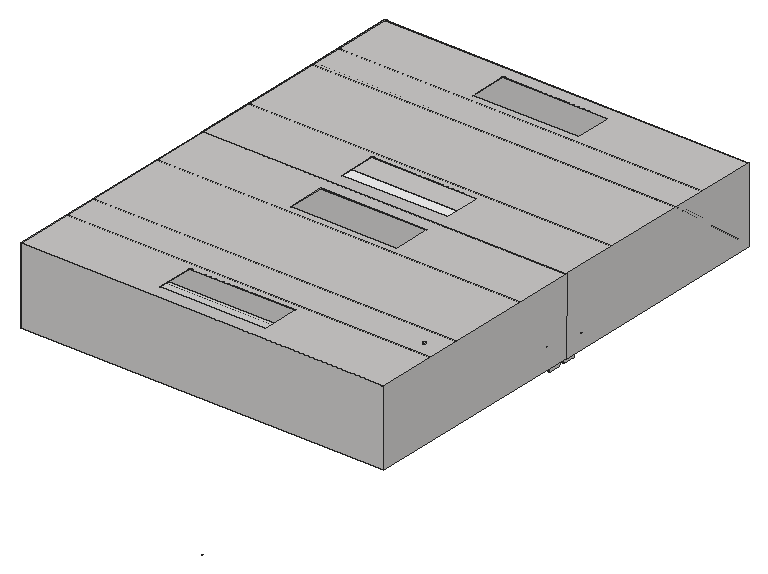
Revit family "QF_ELECTROLUXPROFESSIONAL_641394_STCF3024", category Attrezzature speciali, Revit 2021
Family settings
  Quota connettore circolare = Usa diametro
  Tipo di parte = Normale
  Basato su piano di lavoro = No
  Sempre verticale = Sì
  Taglio con vuoti quando caricato = No
  Condiviso = No
  Punto di calcolo locali = No
Parameters (values of type "Standard")
  Weight = 320.00 kg
  Watts = 320 W
  Volts = 220 V
  URL Manufacturer = "https://www.electroluxprofessional.com/"
  URL = "https://www.electroluxprofessional.com/"
  Steam Supply Size = 0 mm
  Steam Supply Minimum Pressure = 0.0 Pa
  Steam Supply Maximum Pressure = 0.0 Pa
  Steam Consumption per Hour = 0
  Refrigeration Suction Line Size = 0.0 mm
  Refrigeration Liquid Line Size = 0.0 mm
  Refrigerant Compressor Remote = yes
  Prospetto di default = 0.0 mm
  Produttore = "Electrolux Professional"
  Phase = 1
  Modello = "STCF3024"
  Length Actual = 2400.0 mm  # constant formula
  Item Number = "641394"
  Hot Water Size = 0 mm
  Height Actual = 500.0 mm  # constant formula
  HP = "0.4 HP"
  Gas Size = 0 mm
  Gas KW = 0
  Gas Input Pressure = 0 W
  Direct Waste Size = 0 mm
  Descrizione = "304 S/S ISLAND HOOD+FILT.+LAMPS 240X300"
  Depth Actual = 3000.0 mm  # constant formula
  Cycle = 50 Hz
  Condensate Return Size = 0 mm
  Compressed Air Volume = 0.0 L/s
  Compressed Air Size = 0 mm
  Compressed Air Pressure = 0.0 Pa
  Cold Water Size = 0 mm
  Accessory = yes
Reference planes
  plane 1 "Center (Front/Back)": y = 0
  plane 2: z = 0
  plane 3 "Center (Left/Right)": x = -200
  plane 4 "LEFT": x = -1400
  plane 5 "RIGHT": x = 1000
  plane 6 "BACK": y = 1500
  plane 7 "FRONT": y = -1500
  plane 8 "Base": z = 2000
  plane 9 "EIx": x = 880
  plane 10 "Top": z = 2500
  plane 11 "BaseHood": z = 2000
  plane 12 "EI": y = -1020
Forms (mm)
  Extrusion 1, solid, material "QF_Finishes_Stainless Steel"
    sketch origin (0, -1020, 2500) x (0, 1, 0) y (-1, 0, 0)
      loop
        circle (0, -880) r 10
    from 0 to 1.6
Dimensions and locks
  plane 4 "LEFT" to plane 5 "RIGHT" = 2400.0 mm
  equal spacing: plane 6 "BACK", plane 1 "Center (Front/Back)", plane 7 "FRONT"
  plane 6 "BACK" to plane 7 "FRONT" = 3000.0 mm  (x2)
  plane 9 "EIx" to plane 5 "RIGHT" = 120.0 mm
  plane 11 "BaseHood" to level = 2000.0 mm
  plane 10 "Top" to plane 11 "BaseHood" = 500.0 mm
  equal spacing: plane 4 "LEFT", plane 3 "Center (Left/Right)", plane 5 "RIGHT"
  plane 12 "EI" to plane 7 "FRONT" = 480.0 mm
  aligned and locked: level to plane 2
Automatic sketch dimensions
  plane 1 "Center (Front/Back)" to Extrusion 1 sketch curve = 1020.0 mm
  Extrusion 1 sketch curve to plane 9 "EIx" = 0.0 mm
  radius of Extrusion 1 sketch curve = 10.0 mm
Nested families
  nested 1: "QF_ELECTROLUXPROFESSIONAL_641260" at (-350, -550, 0), type "QF_ELECTROLUXPROFESSIONAL_641260"
  nested 2: "QF_ELECTROLUXPROFESSIONAL_641260" at (-350, 550, 0), type "QF_ELECTROLUXPROFESSIONAL_641260"
Connectors
  hvac at (-200, -1289, 2505)
    settings: on nested 1, index 1, duct flow 0.0 L/s, flow factor 0, pres drop 0.0 Pa, loss coef 0, conn angle 0.00°, conn width 250 mm, conn height 700 mm, conn diameter 609.6 mm, duct sys type 1, conn prof type 1, flow config 1, flow direction 1, loss method 0, conn ref index -1, conn util no, is conn primary yes, conn desc "AIR INLET"
  hvac at (-200, 1289, 2505)
    settings: on nested 2, index 4, duct flow 0.0 L/s, flow factor 0, pres drop 0.0 Pa, loss coef 0, conn angle 0.00°, conn width 700 mm, conn height 250 mm, conn diameter 609.6 mm, duct sys type 1, conn prof type 1, flow config 1, flow direction 1, loss method 0, conn ref index -1, conn util no, is conn primary no, conn desc "AIR INLET"
  piping at (880, 60, 1970), diameter 9.5
    settings: on nested 2, index 9, connector inside diameter 609.6 mm, connector length 0.0 mm, flow factor 0, pipe flow 0.0 L/s, pressure drop 0.0 Pa, fitting loss kfactor 0, connector angle 0.00°, fixture units 0, engagement length 0.0 mm, angle of deflection 0.00°, flow configuration 1, flow direction 2, fitting loss method 0, system type 16, joint type 0, gender type 0, connector reference index -1, connector utility 0, adjustable connector no, is connector primary yes, connector description "Drain"
  piping at (880, -60, 1970), diameter 9.5
    settings: on nested 1, index 10, connector inside diameter 609.6 mm, connector length 0.0 mm, flow factor 0, pipe flow 0.0 L/s, pressure drop 0.0 Pa, fitting loss kfactor 0, connector angle 0.00°, fixture units 0, engagement length 0.0 mm, angle of deflection 0.00°, flow configuration 1, flow direction 2, fitting loss method 0, system type 16, joint type 0, gender type 0, connector reference index -1, connector utility 0, adjustable connector no, is connector primary no, connector description "Drain"
  electrical at (880, -1020, 2501.6), driven by "Volts"
    settings: on Extrusion 1, index 11, voltage 220 V, apparent load 0 VA, apparent load phase1 0 VA, apparent load phase2 0 VA, apparent load phase3 0 VA, power factor 1, load classification "Other", number of poles 1, system type 30, power factor state 1, is connector primary yes, connector utility no, sub classification motor no, connector description "Electrical Connection"
  hvac at (-200, 211, 2499.19)
    settings: on nested 2, index 12, duct flow 0.0 L/s, flow factor 0, pres drop 0.0 Pa, loss coef 0, conn angle 0.00°, conn width 250 mm, conn height 700 mm, conn diameter 609.6 mm, duct sys type 3, conn prof type 1, flow config 1, flow direction 2, loss method 0, conn ref index -1, conn util no, is conn primary no, conn desc "EXHAUST OUTLET"
  hvac at (-200, -211, 2500)
    settings: on nested 1, index 13, duct flow 0.0 L/s, flow factor 0, pres drop 0.0 Pa, loss coef 0, conn angle 0.00°, conn width 700 mm, conn height 250 mm, conn diameter 609.6 mm, duct sys type 3, conn prof type 1, flow config 1, flow direction 2, loss method 0, conn ref index -1, conn util no, is conn primary no, conn desc "EXHAUST OUTLET"
Definition of nested family "QF_ELECTROLUXPROFESSIONAL_641260"
  Parameters
    Default Elevation = 0.0 mm
  Reference planes
    plane 1: z = 0
    plane 2 "Center (Left/Right)": x = 150
    plane 3 "LEFT": x = -1050
    plane 4 "RIGHT": x = 1350
    plane 5 "BACK": y = 550
    plane 6 "TOP": z = 2500
    plane 7 "Base": z = 2000
    plane 8: z = 1955
    plane 9 "DrainY": y = 490
    plane 10: x = -1047
    plane 11 "DrainX": x = 1230
    plane 12 "AOLeft2": x = 500
    plane 13: x = 1347
    plane 14: x = -850
    plane 15: x = 1150
    plane 16 "Front": y = -950
    plane 17 "AOLeft1": x = -200
    plane 18: y = -864
    plane 19: y = -614
    plane 20 "EI_y": y = -470
    plane 21 "EIx": x = 1230
    plane 22: y = 464
    plane 23: y = 214
    plane 24 "Center (Front/Back)": y = -200
  Forms (mm)
    Extrusion 1, solid
      sketch origin (-1050, 0, 360) x (0, 1, 0) y (0, 0, 1)
        loop
          line (550, 1640) -> (550, 2140) -> (-950, 2140) -> (-950, 1640) -> (550, 1640)
      from 0 to 3
    Extrusion 2, solid
      sketch origin (1350, 0, 360) x (0, 1, 0) y (0, 0, 1)
        loop
          line (550, 1640) -> (550, 2140) -> (-950, 2140) -> (-950, 1640) -> (550, 1640)
      from 0 to -3
    Extrusion 3, solid
      sketch origin (150, 0, 360) x (0, 1, 0) y (0, 0, 1)
        loop
          line (-950, 2140) -> (-950, 1640) -> (-940, 1640) -> (-940, 1640.8) -> (-949.2, 1640.8) -> (-949.2, 2139.19) -> (549.2, 2139.19) -> (549.2, 1640.8) -> (540, 1640.8) -> (540, 1640) -> (550, 1640) -> (550, 2140) -> (-950, 2140)
      from -1200 to 1200
    Extrusion 4, solid
      sketch origin (0, 0, 2000) x (0, 1, 0) y (-1, 0, 0)
        loop
          circle (490, -1230) r 4.763
      from -30 to 0
    Extrusion 5, void
      sketch origin (0, 0, 2500) x (0, 1, 0) y (-1, 0, 0)
        loop
          line (-614, -500) -> (-614, 200) -> (-864, 200) -> (-864, -500) -> (-614, -500)
      from 0 to -10
    Extrusion 6, solid
      sketch origin (0, 0, 0) x (1, 0, 0) y (0, 1, 0)
        loop
          line (-1050, 550) -> (-1050, 549) -> (-1049, 549) -> (-1049, 550) -> (-1050, 550)
      from 0 to 1
    Extrusion 7, solid
      sketch origin (150, 0, 360) x (0, 1, 0) y (0, 0, 1)
        loop
          line (-572.823, 1962.324) -> (-418.948, 2086.929) -> (-427.129, 2097.032) -> (-581.003, 1972.426) -> (-572.823, 1962.324)
      from 1197 to -1197
    Sweep 8, solid
      path origin (0, 0, 0) x (1, 0, 0) y (0, 1, 0)
        loop
          line (1350, 550) -> (-1050, 550) -> (-1050, -950) -> (1350, -950) -> (1350, 550)
      profile origin (1350, -200, 0) x (1, 0, 0) y (0, 0, 1)
        loop
          line (-3, 2000) -> (-3, 2000.8) -> (-19, 2000.8) -> (-19, 2010) -> (-20, 2010) -> (-20, 2000) -> (-3, 2000)
    Extrusion 9, solid
      sketch origin (150, 0, 0) x (0, 1, 0) y (0, 0, 1)
        loop
          line (414.66, 2095.469) -> (440.643, 2110.471) -> (261.744, 2411.771) -> (235.948, 2396.455) -> (414.66, 2095.469)
      from -1197 to -1000
    Extrusion 10, solid
      sketch origin (1230, 0, 0) x (0, 1, 0) y (0, 0, 1)
        loop
          line (539, 2000) -> (441, 2000) -> (441, 1989) -> (448.5, 1989) -> (448.5, 1965)
          arc (448.5, 1965) -> (451.429, 1957.929) -> (458.5, 1955) r 10
          line (458.5, 1955) -> (521.5, 1955)
          arc (521.5, 1955) -> (528.571, 1957.929) -> (531.5, 1965) r 10
          line (531.5, 1965) -> (531.5, 1989) -> (539, 1989) -> (539, 2000)
      from 90 to -90
    Extrusion 11, solid
      sketch origin (150, 0, 0) x (0, 1, 0) y (0, 0, 1)
        loop
          line (414.66, 2095.469) -> (440.643, 2110.471) -> (261.744, 2411.771) -> (235.948, 2396.455) -> (414.66, 2095.469)
      from 1000 to 1197
    Extrusion 12, solid
      sketch origin (150, 0, 0) x (0, 1, 0) y (0, 0, 1)
        loop
          line (414.66, 2095.469) -> (440.643, 2110.471) -> (261.744, 2411.771) -> (235.948, 2396.455) -> (414.66, 2095.469)
      from -1000 to 1000
    Extrusion 13, void
      sketch origin (0, 1180, 2500) x (0, 1, 0) y (-1, 0, 0)
        loop
          line (-716, -500) -> (-716, 200) -> (-966, 200) -> (-966, -500) -> (-716, -500)
      from 0 to -10
    Extrusion 14, solid
      sketch origin (150, 0, 360) x (0, 1, 0) y (0, 0, 1)
        loop
          line (430.005, 1640) -> (540, 1640) -> (540, 1640.8) -> (430.467, 1640.8) -> (371.906, 1742.23) -> (414.858, 1734.657) -> (442.266, 1750.481) -> (442.266, 1765.943) -> (441.466, 1765.943) -> (441.466, 1750.943) -> (414.709, 1735.495) -> (321.153, 1751.991) -> (320.875, 1750.416) -> (371.4, 1741.507) -> (430.005, 1640)
        loop
          line (172.529, 2139.19) -> (242.893, 2017.316) -> (245.133, 2018.715) -> (240.13, 2027.381) -> (238.569, 2026.405) -> (173.453, 2139.19) -> (172.529, 2139.19)
      from -1197 to 1197
    Extrusion 15, solid
      sketch origin (150, 200.8, 360) x (0, 1, 0) y (0, 0, 1)
        loop
          line (-1150, 2139.19) -> (-1150, 1640) -> (-1086.602, 1640) -> (-999.146, 1690.493) -> (-1010.058, 1709.394) -> (-1066.564, 1676.77) -> (-1114.704, 1680.982) -> (-1149.2, 1730.248) -> (-1149.2, 2139.19) -> (-1150, 2139.19)
        loop
          line (-773.6, 1961.694) -> (-781.937, 1971.99) -> (-769.095, 1982.182) -> (-769.095, 2139.19) -> (-769.895, 2139.19) -> (-769.895, 1982.569) -> (-1082.298, 1734.63) -> (-1071.091, 1720.79) -> (-773.6, 1961.694)
        loop
          line (-627.61, 2099.216) -> (-618.171, 2087.559) -> (-554.411, 2139.19) -> (-555.682, 2139.19) -> (-618.052, 2088.684) -> (-626.989, 2099.719) -> (-627.61, 2099.216)
      from -1197 to 1197
  Cuts and joins
    Extrusion 5, Extrusion 13 cuts Extrusion 3
    joined: Extrusion 2, Extrusion 3, Sweep 8
  Lines and regions (mm)
    symbolic lines, detail levels coarse
      curve 1: line (1350, 550, 2500) -> (-1050, 550, 2500)
      curve 2: line (-1050, 550, 2500) -> (-1050, -950, 2500)
      curve 3: line (1350, -950, 2500) -> (1350, 550, 2500)
      curve 4: line (-1050, 550, 0) -> (1350, -950, 0)
      curve 5: line (1350, 550, 0) -> (-1050, -950, 0)
      curve 6: line (-1050, -950, 0) -> (1350, -950, 0)
      curve 7: line (-200, 214, 2500) -> (500, 214, 2500)
      curve 8: line (-200, 464, 2500) -> (-200, 214, 2500)
      curve 9: line (500, 464, 2500) -> (-200, 464, 2500)
      curve 10: line (500, 214, 2500) -> (500, 464, 2500)
    symbolic lines
      curve 11: line (-200, -614, 0) -> (500, -614, 0)
      curve 12: line (-200, -864, 0) -> (-200, -614, 0)
      curve 13: line (500, -864, 0) -> (-200, -864, 0)
      curve 14: line (500, -614, 0) -> (500, -864, 0)
  Dimensions and locks
    plane 3 "LEFT" to plane 4 "RIGHT" = 2400.0 mm
    equal spacing: plane 3 "LEFT", plane 2 "Center (Left/Right)", plane 4 "RIGHT"
    plane 7 "Base" to plane 8 = 45.0 mm
    plane 5 "BACK" to plane 9 "DrainY" = 60.0 mm  (x2)
    plane 3 "LEFT" to plane 10 = 3.0 mm
    plane 11 "DrainX" to plane 4 "RIGHT" = 120.0 mm
    plane 13 to plane 4 "RIGHT" = 3.0 mm
    plane 3 "LEFT" to plane 14 = 200.0 mm
    plane 15 to plane 4 "RIGHT" = 200.0 mm
    locked: plane 7 "Base" to level at 2000
    locked: plane 6 "TOP" to plane 7 "Base" at 500
    locked: plane 17 "AOLeft1" to plane 12 "AOLeft2" at 700
    locked: plane 19 to plane 18 at 250
    locked: plane 18 to plane 16 "Front" at 86
    locked: plane 20 "EI_y" to plane 16 "Front" at 480
    locked: plane 21 "EIx" to plane 4 "RIGHT" at 120
    locked: plane 5 "BACK" to plane 16 "Front" at 1500
    plane 5 "BACK" to plane 16 "Front" = 1500.0 mm
    equal spacing: plane 17 "AOLeft1", plane 2 "Center (Left/Right)", plane 12 "AOLeft2"
    locked: plane 23 to plane 22 at 250
    equal spacing: plane 5 "BACK", plane 24 "Center (Front/Back)", plane 16 "Front"
    plane 5 "BACK" to plane 22 = 86.0 mm
    aligned and locked: level to plane 1
    aligned and locked: plane 4 "RIGHT" to Extrusion 3
    aligned and locked: Extrusion 3 to plane 3 "LEFT"
    aligned and locked: Extrusion 2 to plane 13
    aligned and locked: Extrusion 9 to plane 10
    aligned and locked: Extrusion 5 to plane 17 "AOLeft1"
    aligned and locked: Extrusion 5 to plane 12 "AOLeft2"
    aligned and locked: plane 14 to Extrusion 9
    aligned and locked: plane 15 to Extrusion 11
    aligned and locked: plane 13 to Extrusion 11
    aligned and locked: Extrusion 12 to plane 14
    aligned and locked: Extrusion 12 to plane 15
    aligned and locked: plane 13 to Extrusion 7
    aligned and locked: Extrusion 7 to plane 10
    aligned and locked: Extrusion 13 to plane 17 "AOLeft1"
    aligned and locked: Extrusion 13 to plane 12 "AOLeft2"
    aligned and locked: Extrusion 14 to plane 10
    aligned and locked: plane 13 to Extrusion 14
    aligned and locked: Extrusion 5 to plane 18
    aligned and locked: plane 19 to Extrusion 5
    aligned and locked: Extrusion 15 to plane 10
    aligned and locked: plane 13 to Extrusion 15
    aligned and locked: cut or joined group of Extrusion 2, Extrusion 3, Extrusion 5, Sweep 8, Extrusion 13 to plane 22
    aligned and locked: curve 9 to cut or joined group of Extrusion 2, Extrusion 3, Extrusion 5, Sweep 8, Extrusion 13
    aligned and locked: plane 23 to cut or joined group of Extrusion 2, Extrusion 3, Extrusion 5, Sweep 8, Extrusion 13
    aligned and locked: curve 7 to cut or joined group of Extrusion 2, Extrusion 3, Extrusion 5, Sweep 8, Extrusion 13
  Automatic sketch dimensions
    Extrusion 4 sketch curve to plane 9 "DrainY" = 0.0 mm
    Extrusion 4 sketch curve to plane 11 "DrainX" = 0.0 mm
    Extrusion 9 sketch curve to plane 9 "DrainY" = 75.34 mm
    Extrusion 9 sketch curve to Extrusion 9 sketch curve = 25.983 mm
    plane 7 "Base" to Extrusion 9 sketch curve = 95.469 mm
    Extrusion 9 sketch curve to Extrusion 9 sketch curve = 15.001 mm
    Extrusion 9 sketch curve to plane 6 "TOP" = 103.545 mm
    Extrusion 9 sketch curve to Extrusion 9 sketch curve = 15.316 mm
    Extrusion 11 sketch curve to plane 9 "DrainY" = 75.34 mm
    Extrusion 11 sketch curve to Extrusion 11 sketch curve = 25.983 mm
    plane 7 "Base" to Extrusion 11 sketch curve = 95.469 mm
    Extrusion 11 sketch curve to Extrusion 11 sketch curve = 15.001 mm
    Extrusion 11 sketch curve to plane 6 "TOP" = 103.545 mm
    Extrusion 11 sketch curve to Extrusion 11 sketch curve = 15.316 mm
    Extrusion 12 sketch curve to plane 9 "DrainY" = 75.34 mm
    Extrusion 12 sketch curve to Extrusion 12 sketch curve = 25.983 mm
    plane 7 "Base" to Extrusion 12 sketch curve = 95.469 mm
    Extrusion 12 sketch curve to Extrusion 12 sketch curve = 15.001 mm
    Extrusion 12 sketch curve to plane 6 "TOP" = 103.545 mm
    Extrusion 12 sketch curve to Extrusion 12 sketch curve = 15.316 mm
    Extrusion 14 sketch curve to plane 7 "Base" = 0.0 mm
    Extrusion 14 sketch curve to plane 6 "TOP" = 0.81 mm
    Extrusion 14 sketch curve to Extrusion 14 sketch curve = 0.924 mm
    Extrusion 14 sketch curve to Extrusion 14 sketch curve = 2.24 mm
    Extrusion 14 sketch curve to Extrusion 14 sketch curve = 0.278 mm
    Extrusion 14 sketch curve to Extrusion 14 sketch curve = 50.525 mm
    Extrusion 14 sketch curve to Extrusion 14 sketch curve = 0.506 mm
    Extrusion 14 sketch curve to Extrusion 14 sketch curve = 42.803 mm
    Extrusion 14 sketch curve to Extrusion 14 sketch curve = 0.148 mm
    Extrusion 14 sketch curve to plane 9 "DrainY" = 59.995 mm
    plane 7 "Base" to Extrusion 14 sketch curve = 0.8 mm
    Extrusion 14 sketch curve to Extrusion 14 sketch curve = 0.462 mm  (x2)
    Extrusion 14 sketch curve to Extrusion 14 sketch curve = 109.533 mm
    Extrusion 14 sketch curve to Extrusion 14 sketch curve = 26.757 mm
    Extrusion 14 sketch curve to Extrusion 14 sketch curve = 0.8 mm
    plane 7 "Base" to Extrusion 14 sketch curve = 94.657 mm
    Extrusion 14 sketch curve to Extrusion 14 sketch curve = 0.838 mm
    Extrusion 14 sketch curve to Extrusion 14 sketch curve = 6.012 mm
    Extrusion 14 sketch curve to Extrusion 14 sketch curve = 0.723 mm
    Extrusion 14 sketch curve to Extrusion 14 sketch curve = 14.986 mm
    Extrusion 14 sketch curve to Extrusion 14 sketch curve = 15.0 mm
    Extrusion 14 sketch curve to plane 6 "TOP" = 122.684 mm
    Extrusion 14 sketch curve to Extrusion 14 sketch curve = 1.399 mm
    Extrusion 14 sketch curve to Extrusion 14 sketch curve = 9.089 mm
    Extrusion 14 sketch curve to Extrusion 14 sketch curve = 0.975 mm
    Extrusion 9 sketch curve to plane 9 "DrainY" = 228.256 mm
    Extrusion 9 sketch curve to Extrusion 9 sketch curve = 25.795 mm
    Extrusion 11 sketch curve to plane 9 "DrainY" = 228.256 mm
    Extrusion 11 sketch curve to Extrusion 11 sketch curve = 25.795 mm
    Extrusion 12 sketch curve to plane 9 "DrainY" = 228.256 mm
    Extrusion 12 sketch curve to Extrusion 12 sketch curve = 25.795 mm
    Extrusion 14 sketch curve to plane 9 "DrainY" = 75.142 mm
    Extrusion 14 sketch curve to plane 9 "DrainY" = 244.867 mm
    Extrusion 14 sketch curve to Extrusion 14 sketch curve = 5.003 mm
    Extrusion 14 sketch curve to Extrusion 14 sketch curve = 1.561 mm
    Extrusion 14 sketch curve to Extrusion 14 sketch curve = 66.677 mm
    curve 6 to plane 3 "LEFT" = 0.0 mm
    curve 4 to plane 3 "LEFT" = 0.0 mm
    curve 13 to plane 17 "AOLeft1" = 0.0 mm
    curve 14 to plane 12 "AOLeft2" = 0.0 mm
    curve 4 to plane 4 "RIGHT" = 0.0 mm
    curve 5 to plane 4 "RIGHT" = 0.0 mm
    curve 4 to plane 16 "Front" = 0.0 mm
    curve 13 to plane 18 = 0.0 mm
    curve 12 to plane 19 = 0.0 mm
    curve 4 to plane 5 "BACK" = 0.0 mm
    curve 5 to plane 5 "BACK" = 0.0 mm
    curve 2 to plane 3 "LEFT" = 0.0 mm
    curve 2 to plane 16 "Front" = 0.0 mm
    curve 3 to plane 4 "RIGHT" = 0.0 mm
    curve 3 to plane 16 "Front" = 0.0 mm
    curve 7 to plane 17 "AOLeft1" = 0.0 mm
    curve 10 to plane 12 "AOLeft2" = 0.0 mm
    curve 2 to plane 5 "BACK" = 0.0 mm
    Extrusion 1 sketch curve to plane 7 "Base" = 0.0 mm
    Extrusion 1 sketch curve to plane 16 "Front" = 0.0 mm
    Extrusion 1 sketch curve to plane 5 "BACK" = 0.0 mm
    Extrusion 1 sketch curve to plane 6 "TOP" = 0.0 mm
    Extrusion 2 sketch curve to plane 7 "Base" = 0.0 mm
    Extrusion 2 sketch curve to plane 16 "Front" = 0.0 mm
    Extrusion 2 sketch curve to plane 5 "BACK" = 0.0 mm
    Extrusion 2 sketch curve to plane 6 "TOP" = 0.0 mm
    Extrusion 3 sketch curve to plane 6 "TOP" = 0.0 mm
    Extrusion 3 sketch curve to plane 16 "Front" = 0.0 mm
    Extrusion 3 sketch curve to plane 7 "Base" = 0.0 mm  (x2)
    Extrusion 3 sketch curve to plane 5 "BACK" = 0.0 mm
    plane 16 "Front" to Extrusion 3 sketch curve = 0.8 mm
    Extrusion 3 sketch curve to Extrusion 3 sketch curve = 9.2 mm
    plane 7 "Base" to Extrusion 3 sketch curve = 0.8 mm  (x2)
    Extrusion 3 sketch curve to plane 5 "BACK" = 10.0 mm
    Extrusion 3 sketch curve to plane 5 "BACK" = 0.8 mm
    Extrusion 3 sketch curve to plane 6 "TOP" = 0.81 mm
    Extrusion 5 sketch curve to plane 12 "AOLeft2" = 0.0 mm
    Extrusion 5 sketch curve to plane 18 = 0.0 mm
    Extrusion 5 sketch curve to plane 19 = 0.0 mm
    Extrusion 5 sketch curve to plane 17 "AOLeft1" = 0.0 mm
    Extrusion 6 sketch curve to plane 3 "LEFT" = 0.0 mm
    Extrusion 6 sketch curve to plane 5 "BACK" = 0.0 mm
    plane 3 "LEFT" to Extrusion 6 sketch curve = 1.0 mm
    Extrusion 6 sketch curve to Extrusion 6 sketch curve = 1.0 mm
    plane 19 to Extrusion 7 sketch curve = 32.997 mm
    Extrusion 7 sketch curve to Extrusion 7 sketch curve = 8.181 mm  (x2)
    plane 20 "EI_y" to Extrusion 7 sketch curve = 42.871 mm
    Extrusion 7 sketch curve to plane 6 "TOP" = 177.676 mm
    Extrusion 7 sketch curve to Extrusion 7 sketch curve = 10.102 mm
    Extrusion 7 sketch curve to plane 6 "TOP" = 53.071 mm
    Extrusion 7 sketch curve to Extrusion 7 sketch curve = 10.103 mm
    Sweep 8 sketch curve to plane 3 "LEFT" = 0.0 mm
    Sweep 8 sketch curve to plane 4 "RIGHT" = 0.0 mm
    Sweep 8 sketch curve to plane 16 "Front" = 0.0 mm
    Sweep 8 sketch curve to plane 5 "BACK" = 0.0 mm
    profile plane to Sweep 8 sketch curve = 20.0 mm
    Sweep 8 sketch curve to Sweep 8 sketch curve = 1.0 mm
    profile plane to Sweep 8 sketch curve = 3.0 mm
    level to Sweep 8 sketch curve = 2000.0 mm
    Sweep 8 sketch curve to Sweep 8 sketch curve = 0.8 mm
    Sweep 8 sketch curve to Sweep 8 sketch curve = 9.2 mm
    Extrusion 10 sketch curve to plane 7 "Base" = 0.0 mm
    Extrusion 10 sketch curve to plane 8 = 0.0 mm
    Extrusion 10 sketch curve to plane 7 "Base" = 11.0 mm  (x2)
    plane 22 to Extrusion 10 sketch curve = 23.0 mm
    Extrusion 10 sketch curve to Extrusion 10 sketch curve = 7.5 mm  (x2)
    plane 22 to Extrusion 10 sketch curve = 5.5 mm
    Extrusion 10 sketch curve to plane 5 "BACK" = 28.5 mm
    Extrusion 10 sketch curve to plane 5 "BACK" = 18.5 mm
    Extrusion 13 sketch curve to plane 12 "AOLeft2" = 0.0 mm
    Extrusion 13 sketch curve to plane 17 "AOLeft1" = 0.0 mm
    Extrusion 13 sketch curve to plane 9 "DrainY" = 26.0 mm
    Extrusion 13 sketch curve to plane 23 = 0.0 mm
    Extrusion 15 sketch curve to plane 7 "Base" = 0.0 mm
    plane 16 "Front" to Extrusion 15 sketch curve = 0.8 mm
    Extrusion 15 sketch curve to Extrusion 15 sketch curve = 0.8 mm  (x2)
    plane 16 "Front" to Extrusion 15 sketch curve = 36.096 mm
    Extrusion 15 sketch curve to plane 18 = 21.802 mm
    Extrusion 15 sketch curve to plane 18 = 17.498 mm
    Extrusion 15 sketch curve to plane 18 = 6.291 mm
    Extrusion 15 sketch curve to plane 18 = 1.764 mm
    plane 18 to Extrusion 15 sketch curve = 54.742 mm
    Extrusion 15 sketch curve to Extrusion 15 sketch curve = 10.912 mm
    plane 19 to Extrusion 15 sketch curve = 32.863 mm
    Extrusion 15 sketch curve to Extrusion 15 sketch curve = 8.337 mm
    Extrusion 15 sketch curve to Extrusion 15 sketch curve = 12.042 mm
    plane 20 "EI_y" to Extrusion 15 sketch curve = 43.19 mm
    Extrusion 15 sketch curve to Extrusion 15 sketch curve = 0.622 mm
    Extrusion 15 sketch curve to Extrusion 15 sketch curve = 9.44 mm
    Extrusion 15 sketch curve to Extrusion 15 sketch curve = 0.118 mm
    Extrusion 15 sketch curve to plane 6 "TOP" = 0.81 mm  (x3)
    Extrusion 15 sketch curve to Extrusion 15 sketch curve = 62.37 mm
    Extrusion 15 sketch curve to Extrusion 15 sketch curve = 1.271 mm
    plane 7 "Base" to Extrusion 15 sketch curve = 36.77 mm
    plane 7 "Base" to Extrusion 15 sketch curve = 40.982 mm
    plane 7 "Base" to Extrusion 15 sketch curve = 50.493 mm
    Extrusion 15 sketch curve to Extrusion 15 sketch curve = 18.901 mm
    Extrusion 15 sketch curve to Extrusion 15 sketch curve = 44.02 mm
    Extrusion 15 sketch curve to Extrusion 15 sketch curve = 49.266 mm
    Extrusion 15 sketch curve to Extrusion 15 sketch curve = 13.84 mm
    Extrusion 15 sketch curve to plane 6 "TOP" = 178.306 mm
    Extrusion 15 sketch curve to Extrusion 15 sketch curve = 10.296 mm
    Extrusion 15 sketch curve to Extrusion 15 sketch curve = 10.192 mm
    Extrusion 15 sketch curve to Extrusion 15 sketch curve = 0.386 mm
    Extrusion 15 sketch curve to plane 6 "TOP" = 52.441 mm
    Extrusion 15 sketch curve to Extrusion 15 sketch curve = 1.125 mm
    radius of Extrusion 4 sketch curve = 4.763 mm
